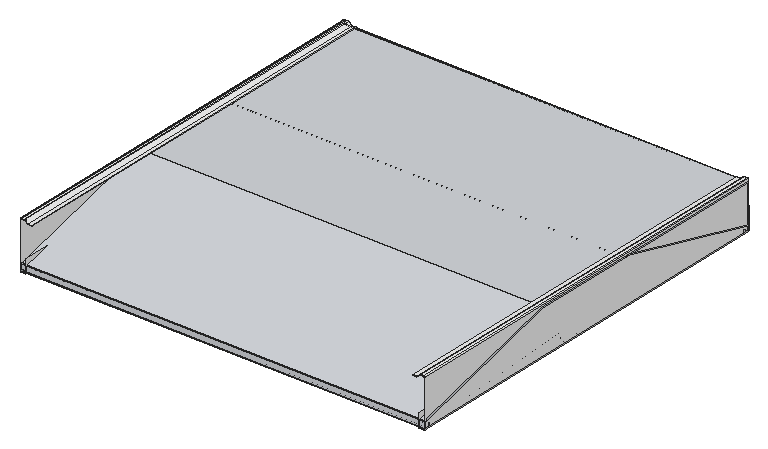
Revit family "LRTG Clearform", category Lighting Fixtures, host Ceiling, Revit 2019
Family settings
  Host = Ceiling
  Round Connector Dimension = Use Diameter
  Part Type = Normal
  OmniClass Number = 23.80.70.11
  OmniClass Title = Luminaries for Internal Lighting
  Always vertical = Yes
  Cut with Voids When Loaded = No
  Light Source = Yes
  Shared = No
  Room Calculation Point = No
Parameters (values of type "LRTG30x30-LED840K040LUNV-P94")
  Width = 2' - 5 3/4"
  Wattage = 37 W
  built-in parameter 1150110 = 1 (stored number, unit not read)
  Voltage = 120 V
  URL = "https://www.viscor.com/en/products/clearform"
  built-in parameter 1114217 = 0.9 (stored number, unit not read)
  Tilt Angle = 90.00°
  built-in parameter 1150109 = 1 (stored number, unit not read)
  built-in parameter 1150134 = 12
  built-in parameter 1150113 = 1 (stored number, unit not read)
  Reflector Width = Width / 2  # 1' - 2 7/8"
  Photometric Web File = "LRTG30x30-LED840K040LUNV-P94.IES"
  Model = "CLEARFORM"  # constant formula
  Manufacturer = "VISIONEERING by VISCOR"  # constant formula
  built-in parameter 1150105 = 326.82 (stored number, unit not read)
  Lumens = 4107 lm
  built-in parameter 1150115 = 1 (stored number, unit not read)
  built-in parameter 1150137 = (empty or 0)
  built-in parameter 1150139 = (empty or 0)
  Lens Finish = Polycarbonate - Viscor - Frosted
  Length = 2' - 5 3/4"
  Lamp Wattage = 37 VA
  built-in parameter 1150112 = 1 (stored number, unit not read)
  built-in parameter 1150114 = 1 (stored number, unit not read)
  Lamp = "LED"  # constant formula
  built-in parameter 1150132 = (empty or 0)
  built-in parameter 1150102 = (empty or 0)
  built-in parameter 1150107 = 4000 (stored number, unit not read)
  built-in parameter 1150138 = (empty or 0)
  built-in parameter 1150106 = 3.2682 (stored number, unit not read)
  Housing Finish = Metal - Viscor - White
  End = Length / 2  # 1' - 2 7/8"
  Emit from Rectangle Width = Width  # 2' - 5 3/4"
  Emit from Rectangle Length = Length  # 2' - 5 3/4"
  Emit Shape Visible in Rendering = no
  built-in parameter 1150104 = 10.312 (stored number, unit not read)
  Dimming Lamp Color Temperature Shift = <None>
  Description = "LED Recessed Type CLEARFORM"  # constant formula
  Color Filter = 16777215
  built-in parameter 1114218 = 1 (stored number, unit not read)
  built-in parameter 1150133 = 10 (stored number, unit not read)
  Assembly Code = "D5020200"
  Apparent Load = Lamp Wattage  # 37 VA
Types (10): name | Width | Wattage | Reflector Width | Photometric Web File | built-in parameter 1150105 | Lumens | Length | Lamp Wattage | built-in parameter 1150106 | End | Emit from Rectangle Width | Emit from Rectangle Length | built-in parameter 1150104 | Apparent Load
  (no name) | 2' - 5 3/4" | 37 W | 1' - 2 7/8" | "LRTG30x30-LED840K040LUNV-P94.IES" | 326.82 (stored number, unit not read) | 4107 lm | 2' - 5 3/4" | 37 VA | 3.2682 (stored number, unit not read) | 1' - 2 7/8" | 2' - 5 3/4" | 2' - 5 3/4" | 10.312 (stored number, unit not read) | 37 VA
  LRTG1X4-LED840K040LUNV-P94 | 0' - 11 3/4" | 31 W | 0' - 5 7/8" | "LRTG1X4-LED840K040LUNV-P94.ies" | 320.7 (stored number, unit not read) | 4030 lm | 3' - 11 3/4" | 31 VA | 3.207 (stored number, unit not read) | 1' - 11 7/8" | 0' - 11 3/4" | 3' - 11 3/4" | 12.077 (stored number, unit not read) | 31 VA
  LRTG20X60-LED840K050LUNV-P94 | 1' - 7 3/4" | 37 W | 0' - 9 7/8" | "LRTG20X60-LED840K050LUNV-P94.ies" | 409.27 (stored number, unit not read) | 5143 lm | 4' - 11 3/4" | 37 VA | 4.0927 (stored number, unit not read) | 2' - 5 7/8" | 1' - 7 3/4" | 4' - 11 3/4" | 12.914 (stored number, unit not read) | 37 VA
  LRTG2X2-LED840K037LUNV-P94 | 1' - 11 3/4" | 34 W | 0' - 11 7/8" | "LRTG2X2-LED840K037LUNV-P94.IES" | 294.91 (stored number, unit not read) | 3706 lm | 1' - 11 3/4" | 34 VA | 2.9491 (stored number, unit not read) | 0' - 11 7/8" | 1' - 11 3/4" | 1' - 11 3/4" | 10.126 (stored number, unit not read) | 34 VA
  LRTG2X2-LED840K050LUNV-P94 | 1' - 11 3/4" | 38 W | 0' - 11 7/8" | "LRTG2x2-LED840K050LUNV-P94.IES" | 365.9 (stored number, unit not read) | 4598 lm | 1' - 11 3/4" | 38 VA | 3.659 (stored number, unit not read) | 0' - 11 7/8" | 1' - 11 3/4" | 1' - 11 3/4" | 11.241 (stored number, unit not read) | 38 VA
  LRTG2X4-LED840K040LUNV-P94 | 1' - 11 3/4" | 30 W | 0' - 11 7/8" | "LRTG2x4-LED840K040LUNV-P94.IES" | 319.9 (stored number, unit not read) | 4020 lm | 3' - 11 3/4" | 30 VA | 3.199 (stored number, unit not read) | 1' - 11 7/8" | 1' - 11 3/4" | 3' - 11 3/4" | 12.449 (stored number, unit not read) | 30 VA
  LRTG2x4-LED840K050LUNV-P94 | 1' - 11 3/4" | 39 W | 0' - 11 7/8" | "LRTG2X4-LED840K050LUNV-P94.ies" | 391.04 (stored number, unit not read) | 4914 lm | 3' - 11 3/4" | 39 VA | 3.9104 (stored number, unit not read) | 1' - 11 7/8" | 1' - 11 3/4" | 3' - 11 3/4" | 11.706 (stored number, unit not read) | 39 VA
  LRTG2x4-LED840K074LUNV-P94 | 1' - 11 3/4" | 58 W | 0' - 11 7/8" | "LRTG2X4-LED840K074LUNV-P94.ies" | 581.55 (stored number, unit not read) | 7308 lm | 3' - 11 3/4" | 58 VA | 5.8155 (stored number, unit not read) | 1' - 11 7/8" | 1' - 11 3/4" | 3' - 11 3/4" | 11.706 (stored number, unit not read) | 58 VA
  LRTG2x4-LED840K092LUNV-P94 | 1' - 11 3/4" | 79 W | 0' - 11 7/8" | "LRTG2X4-LED840K092LUNV-P94.ies" | 735.53 (stored number, unit not read) | 9243 lm | 3' - 11 3/4" | 79 VA | 7.3553 (stored number, unit not read) | 1' - 11 7/8" | 1' - 11 3/4" | 3' - 11 3/4" | 10.87 (stored number, unit not read) | 79 VA
  LRTG30x30-LED840K040LUNV-P94 | 2' - 5 3/4" | 37 W | 1' - 2 7/8" | "LRTG30x30-LED840K040LUNV-P94.IES" | 326.82 (stored number, unit not read) | 4107 lm | 2' - 5 3/4" | 37 VA | 3.2682 (stored number, unit not read) | 1' - 2 7/8" | 2' - 5 3/4" | 2' - 5 3/4" | 10.312 (stored number, unit not read) | 37 VA
Reference planes (in)
  plane 1 "Light Source Axis (F/B)": y = 0
  plane 2 "Ceiling": z = 96
  plane 3 "Light Source Axis (L/R)": x = 0
  plane 4 "Light Source Elevation": z = 95.96875
  plane 5: y = 14.875
  plane 6: y = -14.875
  plane 7: x = -14.875
  plane 8: x = 14.875
  plane 9: x = -14.4375
  plane 10: x = 14.4375
  plane 11: y = -14.4375
  plane 12: y = 14.4375
  plane 13 "Body": z = 96.03125
Forms (in)
  Sweep 1, solid
    path origin (0, 0, 96.03125) x (0, 1, 0) y (-1, 0, 0)
      loop
        line (0, 14.875) -> (0, -14.875)
    profile "LRTG Clearform BDY : LRTG Clearform BDY" origin (0, 0, 96.03125) x (0, 1, 0) y (0, 0, 1)
      loop
        arc (-14.562, -0.0005) -> (-14.51816, 0.01771) -> (-14.5, 0.06155) r 0.062
        line (-14.5, 0.06155) -> (-14.5, 0.2495) -> (-14.53125, 0.2495) -> (-14.53125, 0.06155)
        arc (-14.53125, 0.06155) -> (-14.54026, 0.03981) -> (-14.562, 0.03075) r 0.03075
        line (-14.562, 0.03075) -> (-14.813, 0.03075)
        arc (-14.813, 0.03075) -> (-14.83474, 0.03976) -> (-14.84375, 0.0615) r 0.03075
        line (-14.84375, 0.0615) -> (-14.84375, 0.48661)
        arc (-14.84375, 0.48661) -> (-14.8381, 0.50437) -> (-14.82322, 0.51561) r 0.03075
        line (-14.82322, 0.51561) -> (-3.99466, 3.25125) -> (14.813, 3.25125)
        arc (14.813, 3.25125) -> (14.83474, 3.24224) -> (14.84375, 3.2205) r 0.03075
        line (14.84375, 3.2205) -> (14.84375, 0.0615)
        arc (14.84375, 0.0615) -> (14.83474, 0.03976) -> (14.813, 0.03075) r 0.03075
        line (14.813, 0.03075) -> (14.562, 0.0308)
        arc (14.562, 0.0308) -> (14.54026, 0.03981) -> (14.53125, 0.06155) r 0.03075
        line (14.53125, 0.06155) -> (14.53125, 0.2495) -> (14.5, 0.2495) -> (14.5, 0.06155)
        arc (14.5, 0.06155) -> (14.51816, 0.01771) -> (14.562, -0.0005) r 0.062
        line (14.562, -0.0005) -> (14.813, -0.0005)
        arc (14.813, -0.0005) -> (14.85684, 0.01766) -> (14.875, 0.0615) r 0.062
        line (14.875, 0.0615) -> (14.875, 3.2205)
        arc (14.875, 3.2205) -> (14.85684, 3.26434) -> (14.813, 3.2825) r 0.062
        line (14.813, 3.2825) -> (-4, 3.2825) -> (-14.8336, 0.54508)
        arc (-14.8336, 0.54508) -> (-14.8636, 0.52243) -> (-14.875, 0.48661) r 0.062
        line (-14.875, 0.48661) -> (-14.875, 0.0615)
        arc (-14.875, 0.0615) -> (-14.85684, 0.01766) -> (-14.813, -0.0005) r 0.062
        line (-14.813, -0.0005) -> (-14.562, -0.0005)
  Sweep 2, solid, material "Polycarbonate - Viscor - Frosted" <- "Lens Finish"
    path origin (0, 0, 96) x (1, 0, 0) y (0, 1, 0)
      loop
        line (-14.875, 0) -> (14.875, 0)
    profile "LRTG Clearform Lens : LRTG Clearform Lens" origin (0, 0, 96) x (0, 1, 0) y (0, 0, 1)
      loop
        line (-2.31401, 0.2563) -> (2.31401, 0.2563)
        arc (2.31401, 0.2563) -> (2.36682, 0.27667) -> (2.39244, 0.32713) r 0.079
        line (2.39244, 0.32713) -> (2.45941, 0.9643)
        arc (2.45941, 0.9643) -> (2.47335, 0.99022) -> (2.50143, 0.99903) r 0.039
        line (2.50143, 0.99903) -> (14.875, 0.23662) -> (14.875, 0.27581) -> (2.50467, 1.03795)
        arc (2.50467, 1.03795) -> (2.44845, 1.02032) -> (2.42057, 0.96841) r 0.07806
        line (2.42057, 0.96841) -> (2.35359, 0.33119)
        arc (2.35359, 0.33119) -> (2.34065, 0.30568) -> (2.31397, 0.29536) r 0.03994
        line (2.31397, 0.29536) -> (-2.31397, 0.29536)
        arc (-2.31397, 0.29536) -> (-2.34065, 0.30568) -> (-2.35359, 0.33119) r 0.03994
        line (-2.35359, 0.33119) -> (-2.42057, 0.96841)
        arc (-2.42057, 0.96841) -> (-2.44845, 1.02032) -> (-2.50467, 1.03795) r 0.07806
        line (-2.50467, 1.03795) -> (-14.875, 0.27581) -> (-14.875, 0.23662) -> (-2.50143, 0.99903)
        arc (-2.50143, 0.99903) -> (-2.47335, 0.99022) -> (-2.45941, 0.9643) r 0.039
        line (-2.45941, 0.9643) -> (-2.39244, 0.32713)
        arc (-2.39244, 0.32713) -> (-2.36682, 0.27667) -> (-2.31401, 0.2563) r 0.079
  Sweep 3, solid, material "Metal - Viscor - White" <- "Housing Finish"
    path origin (0, 0, 96) x (1, 0, 0) y (0, 1, 0)
      loop
        line (-14.875, 0) -> (14.875, 0)
    profile "LRTG Clearform Cover : LRTG Clearform Cover" origin (0, 0, 96) x (0, 1, 0) y (0, 0, 1)
      loop
        line (14.875, 0.51782) -> (14.875, 1.07908) -> (14.84375, 1.07908) -> (14.84375, 0.51782)
        arc (14.84375, 0.51782) -> (14.83059, 0.4926) -> (14.80238, 0.48897) r 0.03075
        line (14.80238, 0.48897) -> (4.00146, 3.29725) -> (3.5, 3.29725) -> (3.5, 3.266) -> (3.99594, 3.266) -> (14.79163, 0.45962)
        arc (14.79163, 0.45962) -> (14.84849, 0.46699) -> (14.875, 0.51782) r 0.062
  Extrusion 4, solid, material "Metal - Viscor - White" <- "Housing Finish"
    sketch origin (0, 0, 0) x (1, 0, 0) y (0, 0, 1)
      loop
        line (-14.4375, 96.069) -> (-14.4375, 96.99855) -> (-14.46875, 96.99855) -> (-14.46875, 96.069)
        arc (-14.46875, 96.069) -> (-14.47981, 96.04231) -> (-14.5065, 96.03125) r 0.03775
        line (-14.5065, 96.03125) -> (-14.806, 96.03125)
        arc (-14.806, 96.03125) -> (-14.83269, 96.04231) -> (-14.84375, 96.069) r 0.03775
        line (-14.84375, 96.069) -> (-14.84375, 99.461)
        arc (-14.84375, 99.461) -> (-14.83269, 99.48769) -> (-14.806, 99.49875) r 0.03775
        line (-14.806, 99.49875) -> (-14.5734, 99.49875) -> (-14.32365, 99.31175) -> (-14.00125, 99.31175) -> (-14.00125, 99.343) -> (-14.31325, 99.343) -> (-14.54461, 99.51623)
        arc (-14.54461, 99.51623) -> (-14.56418, 99.52647) -> (-14.58597, 99.53) r 0.069
        line (-14.58597, 99.53) -> (-14.806, 99.53)
        arc (-14.806, 99.53) -> (-14.85479, 99.50979) -> (-14.875, 99.461) r 0.069
        line (-14.875, 99.461) -> (-14.875, 96.069)
        arc (-14.875, 96.069) -> (-14.85479, 96.02021) -> (-14.806, 96) r 0.069
        line (-14.806, 96) -> (-14.5065, 96)
        arc (-14.5065, 96) -> (-14.45771, 96.02021) -> (-14.4375, 96.069) r 0.069
    from -14.875 to 14.875
  Extrusion 5, solid, material "Metal - Viscor - White" <- "Housing Finish"
    sketch origin (0, 0, 0) x (-1, 0, 0) y (0, 0, -1)
      loop
        arc (-14.4375, -96.069) -> (-14.45771, -96.02021) -> (-14.5065, -96) r 0.069
        line (-14.5065, -96) -> (-14.806, -96)
        arc (-14.806, -96) -> (-14.85479, -96.02021) -> (-14.875, -96.069) r 0.069
        line (-14.875, -96.069) -> (-14.875, -99.461)
        arc (-14.875, -99.461) -> (-14.85479, -99.50979) -> (-14.806, -99.53) r 0.069
        line (-14.806, -99.53) -> (-14.58597, -99.53)
        arc (-14.58597, -99.53) -> (-14.56418, -99.52647) -> (-14.54461, -99.51623) r 0.069
        line (-14.54461, -99.51623) -> (-14.31325, -99.343) -> (-14.00125, -99.343) -> (-14.00125, -99.31175) -> (-14.32365, -99.31175) -> (-14.5734, -99.49875) -> (-14.806, -99.49875)
        arc (-14.806, -99.49875) -> (-14.83269, -99.48769) -> (-14.84375, -99.461) r 0.03775
        line (-14.84375, -99.461) -> (-14.84375, -96.069)
        arc (-14.84375, -96.069) -> (-14.83269, -96.04231) -> (-14.806, -96.03125) r 0.03775
        line (-14.806, -96.03125) -> (-14.5065, -96.03125)
        arc (-14.5065, -96.03125) -> (-14.47981, -96.04231) -> (-14.46875, -96.069) r 0.03775
        line (-14.46875, -96.069) -> (-14.46875, -96.99855) -> (-14.4375, -96.99855) -> (-14.4375, -96.069)
    from -14.875 to 14.875
  Extrusion 6, void
    sketch origin (270.83722, -122.62008, 96) x (1, 0, 0) y (0, 1, 0)
      loop
        line (-255.96222, 104.62008) -> (-255.96222, 137.49508) -> (-285.71222, 137.49508) -> (-285.71222, 104.62008) -> (-255.96222, 104.62008)
    from -0.45849 to 3.31375
Dimensions and locks (in)
  equal spacing: host sketch curve, plane 3 "Light Source Axis (L/R)", host sketch curve
  equal spacing: host sketch curve, plane 1 "Light Source Axis (F/B)", host sketch curve
  host sketch curve to host sketch curve = 10' - 0"  (x2)
  equal spacing: plane 7, plane 3 "Light Source Axis (L/R)", plane 8
  "Length": plane 7 to plane 8
  equal spacing: plane 5, plane 1 "Light Source Axis (F/B)", plane 6
  locked: plane 9 to plane 7 at 0.4375
  locked: plane 10 to plane 8 at 0.4375
  "Width": plane 5 to plane 6
  locked: plane 11 to plane 6 at 0.4375
  locked: plane 5 to plane 12 at 0.4375
  locked: plane 13 "Body" to plane 2 "Ceiling" at 0.03125
  "End": plane 3 "Light Source Axis (L/R)" to import instance
  aligned and locked: plane 7 to Sweep 1 sketch curve
  aligned and locked: plane 8 to Sweep 1 sketch curve
  aligned and locked: plane 1 "Light Source Axis (F/B)" to Sweep 1 sketch curve
  aligned and locked: plane 7 to Sweep 2 sketch curve
  aligned and locked: plane 8 to Sweep 2 sketch curve
  aligned and locked: plane 1 "Light Source Axis (F/B)" to Sweep 2 sketch curve
  aligned and locked: plane 5 to Extrusion 4
  aligned and locked: Extrusion 4 to plane 6
  aligned and locked: plane 5 to Extrusion 5
  aligned and locked: Extrusion 5 to plane 6
  aligned and locked: plane 5 to Extrusion 6
  aligned and locked: Extrusion 6 to plane 7
  aligned and locked: plane 8 to Extrusion 6
Automatic sketch dimensions
  plane 1 "Light Source Axis (F/B)" to Sweep 3 sketch curve = 0' - 0"
  Sweep 3 sketch curve to plane 7 = 0' - 0"
  Sweep 3 sketch curve to plane 8 = 0' - 0"
  Extrusion 4 sketch curve to Extrusion 4 sketch curve = 0' - 0"  (x6)
  Extrusion 4 sketch curve to plane 7 = 0' - 0"
  Extrusion 4 sketch curve to plane 13 "Body" = 0' - 0"
  Extrusion 4 sketch curve to plane 2 "Ceiling" = 0' - 0"
  Extrusion 4 sketch curve to plane 9 = 0' - 0"
  plane 7 to Extrusion 4 sketch curve = 0' - 0.069"
  Extrusion 4 sketch curve to Extrusion 4 sketch curve = 0' - 0.03775"  (x3)
  Extrusion 4 sketch curve to plane 9 = 0' - 0.14847"
  Extrusion 4 sketch curve to Extrusion 4 sketch curve = 0' - 0.01257"
  Extrusion 4 sketch curve to Extrusion 4 sketch curve = 0' - 0.02879"
  plane 9 to Extrusion 4 sketch curve = 0' - 0.11385"
  Extrusion 4 sketch curve to Extrusion 4 sketch curve = 0' - 0.0104"
  Extrusion 4 sketch curve to Extrusion 4 sketch curve = 0' - 0.312"
  Extrusion 4 sketch curve to Extrusion 4 sketch curve = 0' - 0.92955"
  Extrusion 4 sketch curve to Extrusion 4 sketch curve = 0' - 2.3132"
  Extrusion 4 sketch curve to Extrusion 4 sketch curve = 0' - 0 1/32"
  Extrusion 4 sketch curve to Extrusion 4 sketch curve = 0' - 0.14925"
  Extrusion 5 sketch curve to Extrusion 5 sketch curve = 0' - 0"  (x6)
  Extrusion 5 sketch curve to plane 8 = 0' - 0"
  Extrusion 5 sketch curve to plane 13 "Body" = 0' - 0"
  Extrusion 5 sketch curve to plane 2 "Ceiling" = 0' - 0"
  Extrusion 5 sketch curve to plane 10 = 0' - 0"
  plane 8 to Extrusion 5 sketch curve = 0' - 0.069"
  Extrusion 5 sketch curve to Extrusion 5 sketch curve = 0' - 0.03775"  (x3)
  Extrusion 5 sketch curve to plane 10 = 0' - 0.14847"
  Extrusion 5 sketch curve to Extrusion 5 sketch curve = 0' - 0.01257"
  Extrusion 5 sketch curve to Extrusion 5 sketch curve = 0' - 0.02879"
  plane 10 to Extrusion 5 sketch curve = 0' - 0.11385"
  Extrusion 5 sketch curve to Extrusion 5 sketch curve = 0' - 0.0104"
  Extrusion 5 sketch curve to Extrusion 5 sketch curve = 0' - 0.312"
  Extrusion 5 sketch curve to Extrusion 5 sketch curve = 0' - 0.92955"
  Extrusion 5 sketch curve to Extrusion 5 sketch curve = 0' - 2.3132"
  Extrusion 5 sketch curve to Extrusion 5 sketch curve = 0' - 0 1/32"
  Extrusion 5 sketch curve to Extrusion 5 sketch curve = 0' - 0.14925"
  Extrusion 6 sketch curve to plane 5 = 2' - 8 7/8"
  Extrusion 6 sketch curve to plane 7 = 0' - 0"
  Extrusion 6 sketch curve to Extrusion 6 sketch curve = 2' - 5 3/4"
  Extrusion 6 sketch curve to Extrusion 6 sketch curve = 2' - 8 7/8"
Connectors (in)
  electrical at (0, 0, 96), driven by "Voltage", driven by "Apparent Load"
    settings: index 1, voltage 120 V, apparent load 0 VA, apparent load phase1 37 VA, apparent load phase2 0 VA, apparent load phase3 0 VA, power factor 1, load classification "Other", number of poles 1, system type 31, power factor state 1, is connector primary yes, connector utility no, sub classification motor no, connector description ""
